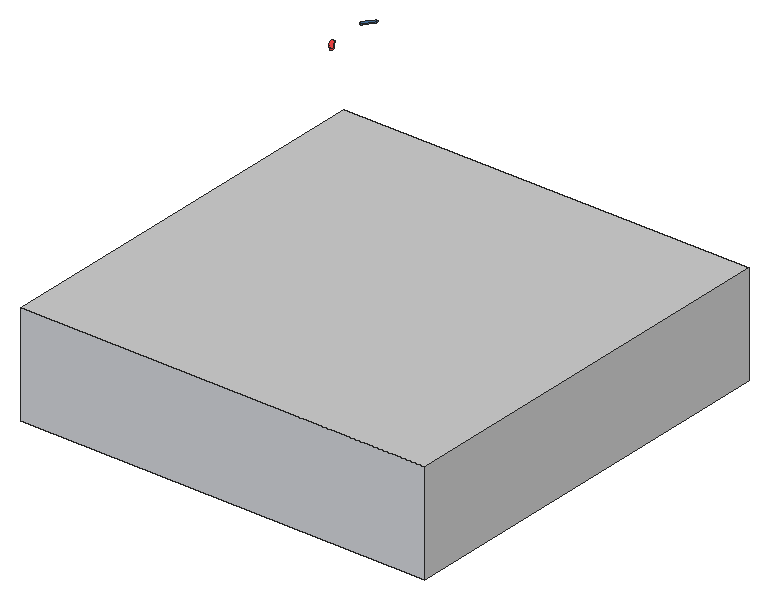
Revit family "PRESTO ALPA 90 ARTE-V sin valvula de vaciado", category Aparatos sanitarios, Revit 2015
Parameters (values of type "35925")
  URL = "http://www.prestoiberica.com/ducha/temporizada-arte/alpa-90-arte-v?c=es"
  Teléfono = "(+34) 915 782 575"
  TIPO DE AGUA = "Fria/Caliente"
  REFERENCIA = "35925"
  Presión Máxima = ""
  PESO BRUTO = "1.030 Kg"
  Keynote = ""
  Modelo = "ALPA 90 ARTE V"
  Material = LATON CROMADO
  Imagen de tipo = <Ninguno>
  Fabricante = "PRESTO IBÉRICA"
  Default Elevation = 1219.2 mm
  ENTRADA = "Macho y hembra 3/4\""
  Descripción = "Grifo temporizado mezclador de ducha para instalación vista con cuerpo de latón cromado y pulsador ARTE cromado."
  Código de montaje = "C1030220"
  Contacto = "info@prestoiberica.com"
  Conexión AF = yes
  Conexión AC = yes
  Comentarios de tipo = "Cabeza intercambiable que comprende todo el cuerpo del grifo\r\nApertura de pulsador de mando único con selección de temperatura mediante giro de 180º. Materiales que soportan hasta los 70ºC que permiten desinfecciones térmicas anti-legionela. Válvulas antirretorno incorporadas."
  CIERRE = "Automático en 30 seg."
  CAUDAL = "8 L/Min"
  Accionamiento = "Por pulsador"
Reference planes
  plane 1 "Centro (Frontal/Posterior)": y = 0
  plane 2: z = 0
  plane 3 "Centro (Izquierda/Derecha)": x = 0
Forms (mm)
  Extrusion 1, solid
    sketch origin (0, 0, 0) x (1, 0, 0) y (0, 1, 0)
      loop
        line (-100, 100) -> (-100, -100) -> (100, -100) -> (100, 100) -> (-100, 100)
    from 0 to -50
  Extrusion 2, solid, material "AGUA CALIENTE"
    sketch origin (18.981, 18.832, 106.65) x (-0.374607, -0.927184, 0) y (0.927184, -0.374607, 0)
      loop
        arc (40.454, -24.81) -> (42.348, -22.538) -> (43.653, -19.884) r 12.445
        arc (43.653, -19.884) -> (43.179, -18.897) -> (42.192, -19.371) r 0.774
        arc (42.192, -19.371) -> (40.759, -21.672) -> (39.087, -23.806) r 25.099
        arc (39.087, -23.806) -> (39.352, -24.878) -> (40.454, -24.81) r 0.862
    from 0 to 0.2
  Extrusion 3, solid, material "AGUA FRIA"
    sketch origin (-1.84, -27.116, 106.65) x (-0.34202, 0.939693, 0) y (-0.939693, -0.34202, 0)
      loop
        arc (40.452, 3.771) -> (39.35, 3.839) -> (39.084, 2.766) r 0.862
        arc (39.084, 2.766) -> (40.757, 0.633) -> (42.189, -1.668) r 25.099
        arc (42.189, -1.668) -> (43.177, -2.142) -> (43.651, -1.155) r 0.774
        arc (43.651, -1.155) -> (42.346, 1.499) -> (40.452, 3.771) r 12.445
    from 0 to 0.2
Dimensions and locks
  Extrusion 1 sketch curve to plane 1 "Centro (Frontal/Posterior)" = 100 mm
  aligned and locked: plane 2 to Extrusion 1
  aligned and locked: level to Extrusion 1
Connectors
  piping at (0.5, -45, 32), diameter 19.1
    settings: on import instance, index 1, connector inside diameter 609.6 mm, connector length 0 mm, flow factor 0, pipe flow 0.0 L/s, pressure drop 0.0 Pa, fitting loss kfactor 0, connector angle 0.00°, fixture units 0, engagement length 0 mm, angle of deflection 0.00°, flow configuration 0, flow direction 1, fitting loss method 0, system type 19, joint type 0, gender type 0, connector reference index -1, connector utility 0, adjustable connector no, is connector primary yes, connector description ""
  piping at (0.5, 45, 32), diameter 19.1
    settings: on import instance, index 2, connector inside diameter 609.6 mm, connector length 0 mm, flow factor 0, pipe flow 0.0 L/s, pressure drop 0.0 Pa, fitting loss kfactor 0, connector angle 0.00°, fixture units 0, engagement length 0 mm, angle of deflection 0.00°, flow configuration 0, flow direction 1, fitting loss method 0, system type 20, joint type 0, gender type 0, connector reference index -1, connector utility 0, adjustable connector no, is connector primary no, connector description ""
